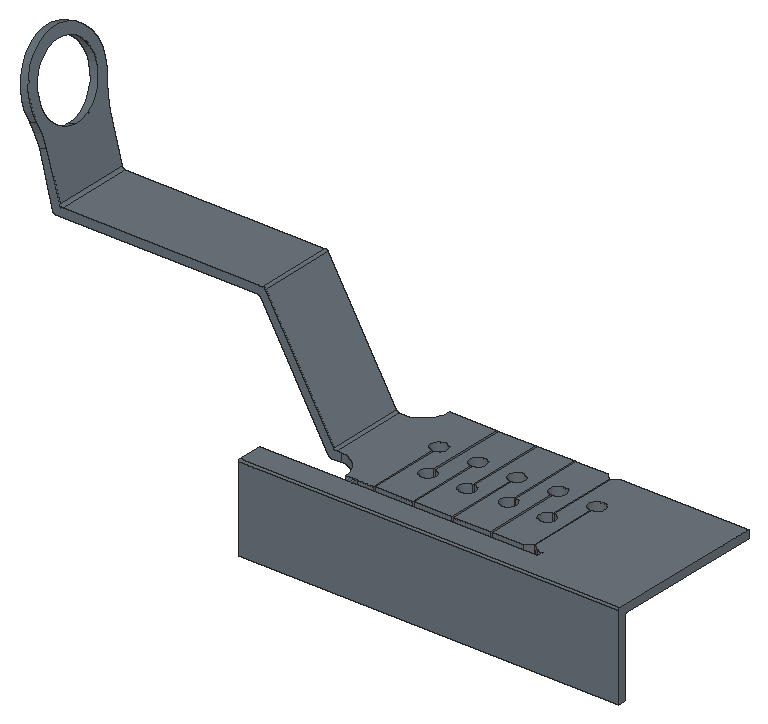
Revit family "AnchorPoint_Kattsafe_TimberMount_TiledRoof", category Specialty Equipment, host Face, Revit 2025
Family settings
  Host = Face
  Round Connector Dimension = Use Diameter
  Part Type = Normal
  OmniClass Number = 23.27.71.21
  Enable Cutting in Views = No
  Cut with Voids When Loaded = No
  Maintain Annotation Orientation = No
  Shared = No
  Room Calculation Point = No
Parameters (values of type "Type 1")
  Uniclass2015Version = "Products v1.23"
  Uniclass2015Title = "Safety access anchor devices"
  Uniclass2015Code = "Pr_40_70_75_75"
  URL = "https://kattsafe.com.au/"
  Type IFC Predefined Type = "USERDEFINED"
  Type Comments = "Timber Mount Anchor Kit - 15kN rated - 0.7kg"
  SafetyDisclaimer [instance] = "WARNING! The correct placement of access, fall protection and facade maintenance systems is critical to ensure it is fit-for-purpose and safe for the operator to use. Did you know Kattsafe® have a dedicated team of Height Safety System Design Specialists? Kattsafe® provide one-on-one consultation and system design assistance to ensure you are meeting the stringent requirements of height safety and to give you PEACE OF MIND with your project."  # constant formula
  ModifiedIssue = 20240430
  Model = "AP121"
  Material = Steel_PowderCoat_Kattsafe_Charcoal
  ManufacturerURLProductSpecific = "https://kattsafe.com.au/products/anchor-points/timber-mount/Timber-mount-anchor-AP121"
  ManufacturerSpecCode = Model  # "AP121"
  ManufacturerOverallWidth = 400 mm
  ManufacturerOverallHeight = 210 mm
  ManufacturerOverallDepth = 100 mm
  ManufacturerHeightFromFFL [instance] = 0 mm
  Manufacturer = "Kattsafe®"  # constant formula
  IfcExportType = "USERDEFINED"
  IfcExportAs = "IfcBuildingElementProxy"
  Export Type to IFC As = "IfcBuildingElementProxy"
  ElementType = "Fall Protection"
  Description = "Our Kattsafe anchor points are specifically designed, manufactured, and tested to comply with and often exceed Australian Standards, effectively handling excessive loads and saving lives when using a harness and lanyard system."  # constant formula
  Default Elevation = 0 mm  # constant formula
  CreatedBy = "IGS BIM Solutions"  # constant formula
  CreatedByURL = "https://igsgroup.com.au"
  Assembly Code = "E1090100"
Reference planes
  plane 1 "Center (Front/Back)": y = 8
  plane 2 "Ref. Level": z = 0
  plane 3 "Center (Left/Right)": x = 0
  plane 4 "Front": y = -42
  plane 5 "Back": y = 58
  plane 6 "Right": x = 200
  plane 7 "Left": x = -200
  plane 8 "Top": z = 162.1
  plane 9 "Base": z = 0
  plane 10 "Bottom": z = -47.9
  plane 11 "Bolt": z = -10
  plane 12 "Anchor Point_Centre": y = 18.201
  plane 13 "TimberFace": y = -37
Forms (mm)
  Extrusion 1, solid, material "Steel_PowderCoat_Kattsafe_Charcoal" <- "Material"
    sketch origin (-200, 0, 0) x (0, 1, 0) y (0, 0, 1)
      loop
        line (-25.493, 5) -> (-41, 5)
        arc (-41, 5) -> (-41.707, 4.707) -> (-42, 4) r 1
        line (-42, 4) -> (-42, -47.904) -> (-38, -47.904)
        arc (-38, -47.904) -> (-37.293, -47.611) -> (-37, -46.904) r 1
        line (-37, -46.904) -> (-37, -1)
        arc (-37, -1) -> (-36.707, -0.293) -> (-36, 0) r 1
        line (-36, 0) -> (-25.493, 0) -> (-25.493, 5)
    from 165.853 to 400
  Extrusion 2, solid, material "Steel_PowderCoat_Kattsafe_Charcoal" <- "Material"
    sketch origin (0, 0, 0) x (0, 1, 0) y (-1, 0, 0)
      loop
        line (58, -200) -> (58, -121.701) -> (54.283, -117.985) -> (11.545, -117.985)
        arc (11.545, -117.985) -> (1.57, -117.485) -> (11.545, -116.985) r 5
        line (11.545, -116.985) -> (54.283, -116.985) -> (58, -113.268) -> (58, -93.985) -> (11.545, -93.985)
        arc (11.545, -93.985) -> (1.57, -93.485) -> (11.545, -92.985) r 5
        line (11.545, -92.985) -> (58, -92.985) -> (58, -69.985) -> (9.689, -69.985)
        arc (9.689, -69.985) -> (-0.286, -69.485) -> (9.689, -68.985) r 5
        line (9.689, -68.985) -> (58, -68.985) -> (58, -45.985) -> (9.689, -45.985)
        arc (9.689, -45.985) -> (-0.286, -45.485) -> (9.689, -44.985) r 5
        line (9.689, -44.985) -> (58, -44.985) -> (58, -15.75)
        arc (58, -15.75) -> (46.863, -11.137) -> (42.25, 0) r 15.75
        line (42.25, 0) -> (-5.847, 0)
        arc (-5.847, 0) -> (-10.46, -11.137) -> (-21.597, -15.75) r 15.75
        line (-21.597, -15.75) -> (-21.597, -21.052) -> (-25.493, -21.052) -> (-25.493, -22.47) -> (-21.597, -22.47) -> (-21.597, -32.985) -> (23.002, -32.985)
        arc (23.002, -32.985) -> (32.977, -33.485) -> (23.002, -33.985) r 5
        line (23.002, -33.985) -> (-21.597, -33.985) -> (-21.597, -56.985) -> (23.002, -56.985)
        arc (23.002, -56.985) -> (32.977, -57.485) -> (23.002, -57.985) r 5
        line (23.002, -57.985) -> (-21.597, -57.985) -> (-21.597, -80.985) -> (23.002, -80.985)
        arc (23.002, -80.985) -> (32.977, -81.485) -> (23.002, -81.985) r 5
        line (23.002, -81.985) -> (-21.597, -81.985) -> (-21.597, -104.985) -> (24.858, -104.985)
        arc (24.858, -104.985) -> (34.833, -105.485) -> (24.858, -105.985) r 5
        line (24.858, -105.985) -> (-21.597, -105.985) -> (-21.597, -125.268) -> (-17.881, -128.985) -> (24.858, -128.985)
        arc (24.858, -128.985) -> (34.833, -129.485) -> (24.858, -129.985) r 5
        line (24.858, -129.985) -> (-17.881, -129.985) -> (-21.597, -133.701) -> (-21.597, -136.774) -> (-25.493, -136.774) -> (-25.493, -200) -> (58, -200)
    from 0 to 5
  Extrusion 3, solid, material "Steel_PowderCoat_Kattsafe_Charcoal" <- "Material"
    sketch origin (-158.132, 8, 4.571) x (0.258819, 0, -0.965926) y (0, -1, 0)
      loop
        arc (-121.949, -37.12) -> (-114.646, -34.974) -> (-107.069, -34.25) r 40
        line (-107.069, -34.25) -> (-96.602, -34.25) -> (-96.602, 13.847) -> (-107.069, 13.847)
        arc (-107.069, 13.847) -> (-114.646, 14.571) -> (-121.949, 16.717) r 40
        arc (-121.949, 16.717) -> (-161.737, -10.201) -> (-121.949, -37.12) r 29
      loop
        circle (-132.737, -10.201) r 22.5
    from 0 to -5
  Extrusion 4, solid, material "Steel_PowderCoat_Kattsafe_Charcoal" <- "Material"
    sketch origin (0, 8, 0) x (1, 0, 0) y (0, 0, 1)
      loop
        arc (-7.251, 1) -> (-6.519, 0.268) -> (-5.519, 0) r 2
        line (-5.519, 0) -> (0, 0) -> (0, 5) -> (-2.632, 5)
        arc (-2.632, 5) -> (-3.632, 5.268) -> (-4.364, 6) r 2
        line (-4.364, 6) -> (-46.424, 78.851)
        arc (-46.424, 78.851) -> (-47.156, 79.583) -> (-48.156, 79.851) r 2
        line (-48.156, 79.851) -> (-171.592, 79.851)
        arc (-171.592, 79.851) -> (-172.81, 80.264) -> (-173.524, 81.333) r 2
        line (-173.524, 81.333) -> (-178.305, 99.175) -> (-183.135, 97.881) -> (-177.361, 76.333)
        arc (-177.361, 76.333) -> (-176.647, 75.264) -> (-175.429, 74.851) r 2
        line (-175.429, 74.851) -> (-51.043, 74.851)
        arc (-51.043, 74.851) -> (-50.043, 74.583) -> (-49.311, 73.851) r 2
        line (-49.311, 73.851) -> (-7.251, 1)
    from -34.25 to 13.847
Cuts and joins
  joined: Extrusion 1, Extrusion 2, Extrusion 3, Extrusion 4
Lines and regions (mm)
  Masking region 1
    outline origin (0, 0, 162.1) x (-1, 0, 0) y (0, -1, 0)
      loop
        line (192.487, 10.799) -> (187.657, 10.799)
        spline (187.657, 10.799) -> (187.419, 10.784) -> (187.181, 10.74) -> (186.943, 10.667) -> (186.706, 10.565) -> (186.47, 10.434) -> (186.236, 10.274) -> (186.002, 10.085) -> (185.771, 9.867) -> (185.541, 9.622) -> (185.313, 9.348) -> (185.088, 9.046) -> (184.865, 8.717)
        spline (184.865, 8.717) -> (184.558, 8.264) -> (184.248, 7.848) -> (183.934, 7.47) -> (183.617, 7.131) -> (183.297, 6.831) -> (182.975, 6.571) -> (182.652, 6.35) -> (182.326, 6.169) -> (181.999, 6.028) -> (181.671, 5.928) -> (181.343, 5.867) -> (181.014, 5.847)
        line (181.014, 5.847) -> (0, 5.847)
        arc (0, 5.847) -> (-11.137, 10.46) -> (-15.75, 21.597) r 15.75
        line (-15.75, 21.597) -> (-21.052, 21.597) -> (-21.052, 25.493) -> (34.147, 25.493) -> (34.147, 42) -> (-200, 42) -> (-200, -58) -> (-15.75, -58)
        arc (-15.75, -58) -> (-11.137, -46.863) -> (0, -42.25) r 15.75
        line (0, -42.25) -> (181.014, -42.25)
        spline (181.014, -42.25) -> (181.343, -42.27) -> (181.671, -42.33) -> (181.999, -42.431) -> (182.326, -42.572) -> (182.652, -42.753) -> (182.975, -42.974) -> (183.297, -43.234) -> (183.617, -43.534) -> (183.934, -43.873) -> (184.248, -44.25) -> (184.558, -44.666) -> (184.865, -45.12)
        spline (184.865, -45.12) -> (185.088, -45.449) -> (185.313, -45.751) -> (185.541, -46.024) -> (185.771, -46.27) -> (186.002, -46.488) -> (186.236, -46.676) -> (186.47, -46.836) -> (186.706, -46.968) -> (186.943, -47.07) -> (187.181, -47.143) -> (187.419, -47.187) -> (187.657, -47.201)
        line (187.657, -47.201) -> (192.487, -47.201)
        spline (192.487, -47.201) -> (194.43, -46.213) -> (196.24, -43.316) -> (197.794, -38.707) -> (198.987, -32.701) -> (199.737, -25.707) -> (199.993, -18.201) -> (199.737, -10.696) -> (198.987, -3.701) -> (197.794, 2.305) -> (196.24, 6.913) -> (194.43, 9.81) -> (192.487, 10.799)
  symbolic lines, style "Fall Arrest Systems", detail levels medium+fine
    curve 1: spline (-184.865, 45.12, 162.1) -> (-187.239, 47.156, 162.1) -> (-189.656, 46.155, 162.1) -> (-191.863, 42.221, 162.1) -> (-193.63, 35.767, 162.1) -> (-194.77, 27.47, 162.1) -> (-195.163, 18.201, 162.1) -> (-194.77, 8.932, 162.1) -> (-193.63, 0.636, 162.1) -> (-191.863, -5.818, 162.1) -> (-189.656, -9.752, 162.1) -> (-187.239, -10.753, 162.1) -> (-184.865, -8.717, 162.1)
    curve 2: spline (-190.072, 38.676, 162.1) -> (-188.207, 40.601, 162.1) -> (-186.281, 40.064, 162.1) -> (-184.507, 37.125, 162.1) -> (-183.079, 32.105, 162.1) -> (-182.154, 25.558, 162.1) -> (-181.834, 18.201, 162.1) -> (-182.154, 10.845, 162.1) -> (-183.079, 4.298, 162.1) -> (-184.507, -0.722, 162.1) -> (-186.281, -3.662, 162.1) -> (-188.207, -4.198, 162.1) -> (-190.072, -2.273, 162.1)
    curve 43: spline (-190.072, -2.273, 162.1) -> (-189.112, -0.135, 162.1) -> (-188.275, 2.666, 162.1) -> (-187.589, 6.029, 162.1) -> (-187.081, 9.833, 162.1) -> (-186.769, 13.94, 162.1) -> (-186.664, 18.201, 162.1) -> (-186.769, 22.463, 162.1) -> (-187.081, 26.569, 162.1) -> (-187.589, 30.374, 162.1) -> (-188.275, 33.737, 162.1) -> (-189.112, 36.538, 162.1) -> (-190.072, 38.676, 162.1)
    curve 44: spline (-190.072, -2.273, 162.1) -> (-191.032, -0.135, 162.1) -> (-191.87, 2.666, 162.1) -> (-192.555, 6.029, 162.1) -> (-193.063, 9.833, 162.1) -> (-193.376, 13.94, 162.1) -> (-193.481, 18.201, 162.1) -> (-193.376, 22.463, 162.1) -> (-193.063, 26.569, 162.1) -> (-192.555, 30.374, 162.1) -> (-191.87, 33.737, 162.1) -> (-191.032, 36.538, 162.1) -> (-190.072, 38.676, 162.1)
  symbolic lines, style "Fall Arrest Systems", detail levels fine
    curve 3: line (136.774, -21.597, 162.1) -> (133.701, -21.597, 162.1)
    curve 4: line (136.774, -25.493, 162.1) -> (136.774, -21.597, 162.1)
    curve 5: line (22.47, -21.597, 162.1) -> (22.47, -25.493, 162.1)
    curve 6: line (22.47, -25.493, 162.1) -> (136.774, -25.493, 162.1)
    curve 7: line (32.985, 23.002, 162.1) -> (32.985, -21.597, 162.1)
    curve 8: line (33.985, -21.597, 162.1) -> (33.985, 23.002, 162.1)
    curve 9: arc (32.985, 23.002, 162.1) -> (33.485, 32.977, 162.1) -> (33.985, 23.002, 162.1) r 5
    curve 10: line (44.985, 58, 162.1) -> (44.985, 9.689, 162.1)
    curve 11: line (45.985, 9.689, 162.1) -> (45.985, 58, 162.1)
    curve 12: arc (45.985, 9.689, 162.1) -> (45.485, -0.286, 162.1) -> (44.985, 9.689, 162.1) r 5
    curve 13: arc (56.985, 23.002, 162.1) -> (57.485, 32.977, 162.1) -> (57.985, 23.002, 162.1) r 5
    curve 14: line (56.985, 23.002, 162.1) -> (56.985, -21.597, 162.1)
    curve 15: line (57.985, -21.597, 162.1) -> (57.985, 23.002, 162.1)
    curve 16: line (69.985, 9.689, 162.1) -> (69.985, 58, 162.1)
    curve 17: line (68.985, 58, 162.1) -> (68.985, 9.689, 162.1)
    curve 18: arc (69.985, 9.689, 162.1) -> (69.485, -0.286, 162.1) -> (68.985, 9.689, 162.1) r 5
    curve 19: arc (80.985, 23.002, 162.1) -> (81.485, 32.977, 162.1) -> (81.985, 23.002, 162.1) r 5
    curve 20: line (80.985, 23.002, 162.1) -> (80.985, -21.597, 162.1)
    curve 21: line (81.985, -21.597, 162.1) -> (81.985, 23.002, 162.1)
    curve 22: line (93.985, 11.545, 162.1) -> (93.985, 58, 162.1)
    curve 23: line (92.985, 58, 162.1) -> (92.985, 11.545, 162.1)
    curve 24: arc (93.985, 11.545, 162.1) -> (93.485, 1.57, 162.1) -> (92.985, 11.545, 162.1) r 5
    curve 25: line (105.985, -21.597, 162.1) -> (105.985, 24.858, 162.1)
    curve 26: line (104.985, 24.858, 162.1) -> (104.985, -21.597, 162.1)
    curve 27: arc (104.985, 24.858, 162.1) -> (105.485, 34.833, 162.1) -> (105.985, 24.858, 162.1) r 5
    curve 28: line (116.985, 54.283, 162.1) -> (116.985, 11.545, 162.1)
    curve 29: arc (117.985, 11.545, 162.1) -> (117.485, 1.57, 162.1) -> (116.985, 11.545, 162.1) r 5
    curve 30: line (117.985, 11.545, 162.1) -> (117.985, 54.283, 162.1)
    curve 31: line (117.985, 54.283, 162.1) -> (121.701, 58, 162.1)
    curve 32: line (113.268, 58, 162.1) -> (116.985, 54.283, 162.1)
    curve 33: arc (128.985, 24.858, 162.1) -> (129.485, 34.833, 162.1) -> (129.985, 24.858, 162.1) r 5
    curve 34: line (128.985, 24.858, 162.1) -> (128.985, -17.881, 162.1)
    curve 35: line (129.985, -17.881, 162.1) -> (129.985, 24.858, 162.1)
    curve 36: line (128.985, -17.881, 162.1) -> (125.268, -21.597, 162.1)
    curve 37: line (133.701, -21.597, 162.1) -> (129.985, -17.881, 162.1)
    curve 38: line (125.268, -21.597, 162.1) -> (105.985, -21.597, 162.1)
    curve 39: line (32.985, -21.597, 162.1) -> (22.47, -21.597, 162.1)
    curve 40: line (56.985, -21.597, 162.1) -> (33.985, -21.597, 162.1)
    curve 41: line (80.985, -21.597, 162.1) -> (57.985, -21.597, 162.1)
    curve 42: line (104.985, -21.597, 162.1) -> (81.985, -21.597, 162.1)
Text (mm)
  text "Disclaimer:\nDue to ongoing product development and manufacturing \nevolution, product details are subject to change without \nnotice. Please refer to product technical data sheets on \nthe manufacturers website for the most current product \ninformation. Please allow a +/- 5mm manufacturing \ntolerance for dimensions and set-outs shown in product \nliterature." at (253.749, 82.963, 0), in view "Ref. Level"
Dimensions and locks
  "ManufacturerOverallWidth": plane 7 "Left" to plane 6 "Right"
  "ManufacturerOverallDepth": plane 5 "Back" to plane 4 "Front"
  equal spacing: plane 7 "Left", plane 3 "Center (Left/Right)", plane 6 "Right"
  equal spacing: plane 4 "Front", plane 1 "Center (Front/Back)", plane 5 "Back"
  locked: plane 9 "Base" to plane 10 "Bottom" at 47.9
  "ManufacturerOverallHeight": plane 8 "Top" to plane 10 "Bottom"
  "ManufacturerHeightFromFFL": plane 9 "Base" to level
  locked: plane 12 "Anchor Point_Centre" to plane 5 "Back" at 39.799
  locked: plane 9 "Base" to plane 11 "Bolt" at 10
  locked: plane 13 "TimberFace" to plane 4 "Front" at 5
  aligned and locked: plane 2 "Ref. Level" to host face
  aligned and locked: level to host face
Automatic sketch dimensions
  host sketch curve to host sketch curve = 400 mm
  host sketch curve to host sketch curve = 95 mm
  plane 4 "Front" to Extrusion 1 sketch curve = 0 mm
  Extrusion 1 sketch curve to Extrusion 1 sketch curve = 1 mm
  plane 10 "Bottom" to Extrusion 1 sketch curve = 0.004 mm
  Extrusion 1 sketch curve to Extrusion 1 sketch curve = 4 mm  (x2)
  Extrusion 1 sketch curve to Extrusion 1 sketch curve = 10.507 mm
  Extrusion 4 sketch curve to plane 3 "Center (Left/Right)" = 0 mm
  Extrusion 4 sketch curve to plane 3 "Center (Left/Right)" = 2.632 mm
  Extrusion 4 sketch curve to Extrusion 4 sketch curve = 1.732 mm  (x4)
  Extrusion 4 sketch curve to Extrusion 4 sketch curve = 5.519 mm
  Extrusion 4 sketch curve to plane 3 "Center (Left/Right)" = 46.424 mm
  Extrusion 4 sketch curve to Extrusion 4 sketch curve = 1.155 mm
  plane 7 "Left" to Extrusion 4 sketch curve = 28.408 mm
  Extrusion 4 sketch curve to Extrusion 4 sketch curve = 1.932 mm  (x2)
  Extrusion 4 sketch curve to Extrusion 4 sketch curve = 3.837 mm
  Extrusion 4 sketch curve to Extrusion 4 sketch curve = 4.781 mm
  Extrusion 4 sketch curve to Extrusion 4 sketch curve = 4.83 mm
  Extrusion 4 sketch curve to Extrusion 4 sketch curve = 5 mm
  Extrusion 4 sketch curve to Extrusion 4 sketch curve = 1 mm  (x3)
  Extrusion 4 sketch curve to Extrusion 4 sketch curve = 1.482 mm  (x2)
  Extrusion 4 sketch curve to Extrusion 4 sketch curve = 4 mm
  Extrusion 3 sketch curve to Extrusion 3 sketch curve = 0 mm  (x4)
  Extrusion 3 sketch curve to Extrusion 4 = 0 mm  (x3)
  Extrusion 4 to Extrusion 3 sketch curve = 10.468 mm  (x2)
  Extrusion 3 sketch curve to Extrusion 3 sketch curve = 25.668 mm
  Extrusion 4 to Extrusion 3 sketch curve = 24.048 mm
  Extrusion 3 sketch curve to Extrusion 4 = 2.871 mm
  Masking region 1 sketch curve to plane 6 "Right" = 0 mm
  Masking region 1 sketch curve to plane 3 "Center (Left/Right)" = 0 mm  (x2)
  Masking region 1 sketch curve to plane 12 "Anchor Point_Centre" = 0 mm  (x3)
  Masking region 1 sketch curve to Masking region 1 sketch curve = 5.301 mm
  plane 7 "Left" to Masking region 1 sketch curve = 18.986 mm  (x2)
  Masking region 1 sketch curve to Masking region 1 sketch curve = 6.643 mm  (x2)
  Masking region 1 sketch curve to Masking region 1 sketch curve = 4.83 mm
  Masking region 1 sketch curve to Masking region 1 sketch curve = 4.952 mm  (x2)
  Masking region 1 sketch curve to Masking region 1 sketch curve = 16.507 mm
  Masking region 1 sketch curve to Masking region 1 sketch curve = 2.792 mm  (x2)
  Masking region 1 sketch curve to plane 5 "Back" = 24.25 mm
  Masking region 1 sketch curve to Masking region 1 sketch curve = 2.081 mm  (x2)
  Masking region 1 sketch curve to plane 4 "Front" = 3.847 mm
  Extrusion 2 sketch curve to plane 6 "Right" = 0 mm
  Extrusion 2 sketch curve to plane 3 "Center (Left/Right)" = 0 mm
  plane 5 "Back" to Extrusion 2 sketch curve = 0 mm  (x5)
  Extrusion 2 sketch curve to plane 1 "Center (Front/Back)" = 3.545 mm  (x2)
  Extrusion 2 sketch curve to Extrusion 2 sketch curve = 0 mm  (x15)
  Extrusion 2 sketch curve to plane 1 "Center (Front/Back)" = 1.689 mm  (x2)
  plane 1 "Center (Front/Back)" to Extrusion 2 sketch curve = 1.43 mm  (x2)
  plane 1 "Center (Front/Back)" to Extrusion 2 sketch curve = 3.286 mm  (x2)
  plane 1 "Center (Front/Back)" to Extrusion 2 sketch curve = 13.847 mm
  plane 4 "Front" to Extrusion 2 sketch curve = 24.119 mm
  plane 4 "Front" to Extrusion 2 sketch curve = 20.403 mm
  Extrusion 2 sketch curve to Extrusion 2 sketch curve = 3.717 mm  (x6)
  Extrusion 2 sketch curve to Extrusion 2 sketch curve = 3.895 mm  (x2)
  plane 12 "Anchor Point_Centre" to Extrusion 2 sketch curve = 4.801 mm  (x3)
  plane 12 "Anchor Point_Centre" to Extrusion 2 sketch curve = 6.656 mm  (x2)
  Extrusion 2 sketch curve to Extrusion 2 sketch curve = 4.975 mm  (x5)
  Extrusion 2 sketch curve to Extrusion 2 sketch curve = 15.75 mm
  plane 5 "Back" to Extrusion 2 sketch curve = 3.717 mm
  plane 6 "Right" to Extrusion 2 sketch curve = 63.226 mm
  Extrusion 2 sketch curve to Extrusion 2 sketch curve = 3.073 mm
  Extrusion 2 sketch curve to Extrusion 2 sketch curve = 0.5 mm  (x9)
  Extrusion 2 sketch curve to Extrusion 2 sketch curve = 7.783 mm
  Extrusion 2 sketch curve to Extrusion 2 sketch curve = 19.283 mm  (x2)
  Extrusion 2 sketch curve to Extrusion 2 sketch curve = 11 mm  (x2)
  Extrusion 2 sketch curve to Extrusion 2 sketch curve = 23 mm  (x3)
  Extrusion 2 sketch curve to Extrusion 2 sketch curve = 6.719 mm
  Extrusion 2 sketch curve to Extrusion 2 sketch curve = 1.418 mm
  plane 9 "Base" to Extrusion 1 sketch curve = 0 mm
  plane 9 "Base" to Extrusion 1 sketch curve = 1 mm
  Extrusion 1 sketch curve to plane 9 "Base" = 4 mm
  Extrusion 4 sketch curve to plane 9 "Base" = 0 mm
  Extrusion 4 sketch curve to plane 9 "Base" = 1 mm
  Extrusion 4 sketch curve to plane 9 "Base" = 72.851 mm
  plane 3 "Center (Left/Right)" to Masking region 1 sketch curve = 21.052 mm
  plane 5 "Back" to Masking region 1 sketch curve = 0 mm
  plane 3 "Center (Left/Right)" to Masking region 1 sketch curve = 15.75 mm
  plane 5 "Back" to curve 31 = 0 mm
  plane 5 "Back" to curve 32 = 0 mm
  plane 5 "Back" to curve 22 = 0 mm
  plane 5 "Back" to curve 23 = 0 mm
  plane 5 "Back" to curve 16 = 0 mm
  plane 5 "Back" to curve 17 = 0 mm
  plane 5 "Back" to curve 11 = 0 mm
  plane 5 "Back" to curve 10 = 0 mm
  curve 1 to plane 12 "Anchor Point_Centre" = 0 mm
  curve 44 to plane 12 "Anchor Point_Centre" = 0 mm
  plane 6 "Right" to curve 3 = 63.226 mm
  curve 3 to curve 37 = 3.073 mm
  plane 12 "Anchor Point_Centre" to curve 35 = 6.656 mm
  curve 3 to curve 35 = 3.717 mm
  curve 35 to curve 33 = 0.5 mm
  plane 4 "Front" to curve 36 = 24.119 mm
  curve 35 to curve 36 = 1 mm
  plane 4 "Front" to curve 36 = 20.403 mm
  curve 34 to curve 36 = 3.717 mm
  curve 33 to curve 31 = 7.783 mm
  curve 30 to plane 1 "Center (Front/Back)" = 3.545 mm
  curve 33 to curve 30 = 11 mm
  plane 1 "Center (Front/Back)" to curve 29 = 1.43 mm
  curve 29 to curve 29 = 0.5 mm
  curve 29 to curve 28 = 1 mm
  curve 28 to curve 32 = 3.717 mm
  plane 12 "Anchor Point_Centre" to curve 25 = 6.656 mm
  curve 29 to curve 25 = 11 mm
  curve 27 to curve 27 = 0.5 mm
  curve 25 to curve 26 = 1 mm
  curve 22 to plane 1 "Center (Front/Back)" = 3.545 mm
  curve 26 to curve 22 = 11 mm
  plane 1 "Center (Front/Back)" to curve 24 = 1.43 mm
  curve 24 to curve 24 = 0.5 mm
  curve 22 to curve 23 = 1 mm
  plane 12 "Anchor Point_Centre" to curve 21 = 4.801 mm
  curve 24 to curve 21 = 11 mm
  curve 19 to curve 19 = 0.5 mm
  curve 21 to curve 20 = 1 mm
  curve 16 to plane 1 "Center (Front/Back)" = 1.689 mm
  curve 20 to curve 16 = 11 mm
  curve 16 to curve 18 = 0.5 mm
  curve 16 to curve 17 = 1 mm
  curve 20 to curve 15 = 23 mm
  curve 15 to curve 13 = 0.5 mm
  curve 15 to curve 14 = 1 mm
  curve 11 to plane 1 "Center (Front/Back)" = 1.689 mm
  curve 14 to curve 11 = 11 mm
  curve 12 to curve 12 = 0.5 mm
  curve 11 to curve 10 = 1 mm
  curve 14 to curve 8 = 23 mm
  curve 9 to curve 9 = 0.5 mm
  curve 8 to curve 7 = 1 mm
  curve 7 to curve 39 = 10.515 mm
  plane 5 "Back" to curve 32 = 3.717 mm
  curve 28 to curve 30 = 0 mm
  curve 27 to curve 27 = 4.975 mm
  curve 33 to curve 34 = 4.975 mm
  curve 19 to curve 19 = 4.975 mm
  plane 12 "Anchor Point_Centre" to curve 9 = 9.776 mm
  plane 12 "Anchor Point_Centre" to curve 13 = 9.776 mm
  plane 12 "Anchor Point_Centre" to curve 14 = 4.801 mm
  plane 12 "Anchor Point_Centre" to curve 8 = 4.801 mm
  plane 1 "Center (Front/Back)" to curve 12 = 3.286 mm
  plane 1 "Center (Front/Back)" to curve 18 = 3.286 mm
  curve 34 to curve 35 = 0 mm
  plane 4 "Front" to curve 21 = 20.403 mm
  curve 20 to curve 21 = 0 mm
  plane 4 "Front" to curve 8 = 20.403 mm
  curve 5 to curve 8 = 0 mm
  curve 3 to curve 4 = 3.895 mm
  plane 7 "Left" to curve 1 = 15.135 mm  (x2)
  curve 1 to curve 2 = 2.792 mm
  curve 1 to curve 2 = 0 mm
  curve 44 to curve 2 = 0 mm  (x2)
  curve 1 to curve 44 = 5.207 mm
  curve 2 to curve 43 = 2.415 mm
  plane 5 "Back" to curve 1 = 10.799 mm
  curve 1 to curve 1 = 2.081 mm
  curve 1 to curve 2 = 4.419 mm
  curve 43 to curve 2 = 0 mm
  curve 2 to curve 43 = 2.026 mm
  curve 43 to plane 12 "Anchor Point_Centre" = 0 mm
  Masking region 1 sketch curve to plane 3 "Center (Left/Right)" = 34.147 mm
  plane 4 "Front" to Masking region 1 sketch curve = 0 mm
  curve 35 to curve 3 = 3.717 mm
  radius of Extrusion 3 sketch curve = 22.5 mm
